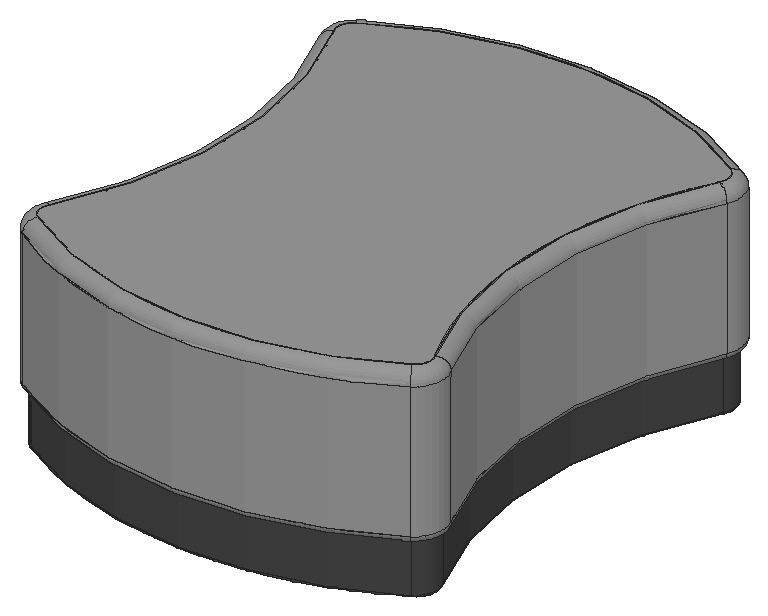
Revit family "1300S Quad Bench", category Generic Models, Revit 2018
Family settings
  Can host rebar = No
  Round Connector Dimension = Use Diameter
  Part Type = Normal
  Work Plane-Based = No
  Always vertical = Yes
  Cut with Voids When Loaded = No
  Shared = No
  Room Calculation Point = No
Parameters
  Fabric = 1300S Quad Fabric
Reference planes
  plane 1 "Center (Front/Back)": y = 0
  plane 2: z = 0
  plane 3 "Center (Left/Right)": x = 0
Forms (mm)
  Extrusion 1, solid, material "1300S Quad Fabric" <- "Fabric"
    sketch origin (0, 0, 0) x (1, 0, 0) y (0, 1, 0)
      loop
        arc (-354.22, 396.296) -> (-367.601, 377.641) -> (-365.451, 354.785) r 32.756
        arc (-365.451, 354.785) -> (-278.694, 1.807) -> (-365.451, -351.172) r 761.445
        arc (-365.451, -351.172) -> (-367.96, -374.125) -> (-354.22, -392.682) r 31.672
        arc (-354.22, -392.682) -> (17.399, -499.607) -> (389.017, -392.682) r 699.244
        arc (389.017, -392.682) -> (402.398, -374.028) -> (400.248, -351.172) r 32.756
        arc (400.248, -351.172) -> (313.491, 1.807) -> (400.248, 354.785) r 761.446
        arc (400.248, 354.785) -> (402.757, 377.739) -> (389.017, 396.296) r 31.672
        arc (389.017, 396.296) -> (17.399, 502.418) -> (-354.22, 396.296) r 703.727
    from 114.17 to 418.97
  Sweep 2, solid, material "1300S Quad Fabric" <- "Fabric"
    path origin (0, 0, 0) x (1, 0, 0) y (0, 1, 0)
      loop
        arc (389.017, 396.296) -> (17.399, 502.418) -> (-354.22, 396.296) r 703.727
        arc (-354.22, 396.296) -> (-367.601, 377.641) -> (-365.451, 354.785) r 32.756
        arc (-365.451, 354.785) -> (-278.694, 1.807) -> (-365.451, -351.172) r 761.445
        arc (-365.451, -351.172) -> (-367.96, -374.125) -> (-354.22, -392.682) r 31.672
        arc (-354.22, -392.682) -> (17.399, -499.607) -> (389.017, -392.682) r 699.244
        arc (389.017, -392.682) -> (402.398, -374.028) -> (400.248, -351.172) r 32.756
        arc (400.248, -351.172) -> (313.491, 1.807) -> (400.248, 354.785) r 761.446
        arc (400.248, 354.785) -> (402.757, 377.739) -> (389.017, 396.296) r 31.672
    profile origin (17.399, 502.418, 0) x (0, -1, 0) y (0, 0, 1)
      loop
        line (0, 114.17) -> (0, 418.97)
        arc (0, 418.97) -> (-17.96, 411.531) -> (-25.4, 393.57) r 25.4
        line (-25.4, 393.57) -> (-25.4, 126.87)
        arc (-25.4, 126.87) -> (-21.68, 117.89) -> (-12.7, 114.17) r 12.7
        line (-12.7, 114.17) -> (0, 114.17)
  Extrusion 3, solid, material "1300S Trim Black"
    sketch origin (0, 0, 0) x (1, 0, 0) y (0, 1, 0)
      loop
        arc (-374.363, -346.257) -> (-376.594, -376.264) -> (-359.769, -401.209) r 45.918
        arc (-359.769, -401.209) -> (17.399, -507.996) -> (394.566, -401.209) r 719.463
        arc (394.566, -401.209) -> (412.795, -376.745) -> (409.24, -346.443) r 41.273
        arc (409.24, -346.443) -> (323.258, 1.807) -> (409.24, 350.056) r 748.238
        arc (409.24, 350.056) -> (412.593, 380.389) -> (394.417, 404.903) r 41.761
        arc (394.417, 404.903) -> (17.399, 511.673) -> (-359.62, 404.903) r 719.035
        arc (-359.62, 404.903) -> (-377.933, 380.323) -> (-374.363, 349.879) r 41.472
        arc (-374.363, 349.879) -> (-288.461, 1.811) -> (-374.363, -346.257) r 748.119
    from 12.653 to 114.17
  Sweep 4, solid, material "1300S Trim Black"
    path origin (0, 0, 0) x (1, 0, 0) y (0, 1, 0)
      loop
        arc (394.417, 404.903) -> (17.399, 511.673) -> (-359.62, 404.903) r 719.035
        arc (-359.62, 404.903) -> (-377.933, 380.323) -> (-374.363, 349.879) r 41.472
        arc (-374.363, 349.879) -> (-288.461, 1.811) -> (-374.363, -346.257) r 748.119
        arc (-374.363, -346.257) -> (-376.594, -376.264) -> (-359.769, -401.209) r 45.918
        arc (-359.769, -401.209) -> (17.399, -507.996) -> (394.566, -401.209) r 719.463
        arc (394.566, -401.209) -> (412.795, -376.745) -> (409.24, -346.443) r 41.273
        arc (409.24, -346.443) -> (323.258, 1.807) -> (409.24, 350.056) r 748.238
        arc (409.24, 350.056) -> (412.593, 380.389) -> (394.417, 404.903) r 41.761
    profile origin (17.399, 511.673, 0) x (0, -1, 0) y (0, 0, 1)
      loop
        line (0, 12.653) -> (0, 114.17) -> (-2.457, 114.17) -> (-2.457, 15.11)
        arc (-2.457, 15.11) -> (-1.738, 13.373) -> (0, 12.653) r 2.457
  Revolve 5, solid, material "1300S Gliders"
    sketch origin (0, -353.674, 0) x (1, 0, 0) y (0, 0, 1)
      loop
        line (-282.977, 12.653) -> (-295.63, 12.653) -> (-295.63, 0)
        arc (-295.63, 0) -> (-286.683, 3.706) -> (-282.977, 12.653) r 12.653
      axis (-295.63, 0) -> (-295.63, 12.653)
    angle from 0 to 360
  Revolve 6, solid, material "1300S Gliders"
    sketch origin (0, 357.194, 0) x (1, 0, 0) y (0, 0, 1)
      loop
        line (-282.977, 12.653) -> (-295.63, 12.653) -> (-295.63, 0)
        arc (-295.63, 0) -> (-286.683, 3.706) -> (-282.977, 12.653) r 12.653
      axis (-295.63, 0) -> (-295.63, 12.653)
    angle from 0 to 360
  Revolve 7, solid, material "1300S Gliders"
    sketch origin (0, -353.674, 0) x (-1, 0, 0) y (0, 0, -1)
      loop
        arc (-282.977, -12.653) -> (-286.683, -3.706) -> (-295.63, 0) r 12.653
        line (-295.63, 0) -> (-295.63, -12.653) -> (-282.977, -12.653)
      axis (-295.63, 0) -> (-295.63, -12.653)
    angle from 0 to 360
  Revolve 8, solid, material "1300S Gliders"
    sketch origin (0, 357.194, 0) x (-1, 0, 0) y (0, 0, -1)
      loop
        arc (-282.977, -12.653) -> (-286.683, -3.706) -> (-295.63, 0) r 12.653
        line (-295.63, 0) -> (-295.63, -12.653) -> (-282.977, -12.653)
      axis (-295.63, 0) -> (-295.63, -12.653)
    angle from 0 to 360
Dimensions and locks
  aligned and locked: plane 2 to level
